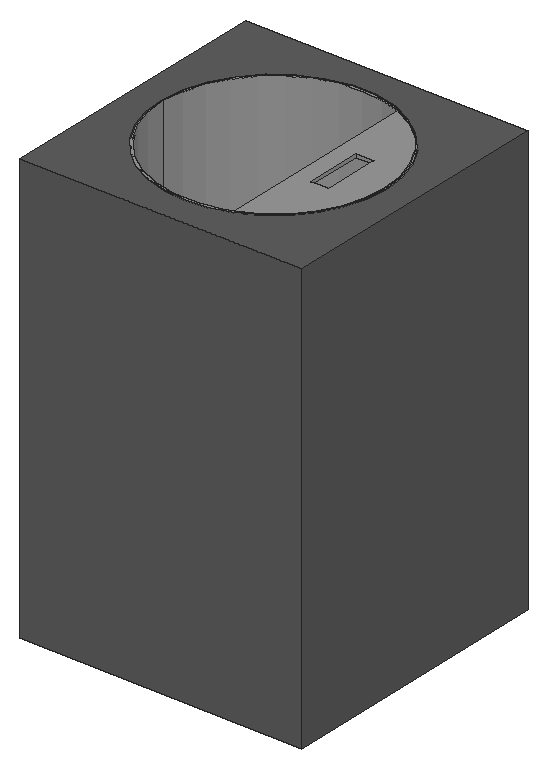
Revit family "urna_prizma", category Антураж, Revit 2017
Family settings
  На основе рабочей плоскости = Нет
  Всегда вертикально = Да
  При загрузке вырезать с полостями = Нет
  Источник визуального образа = Геометрия семейства
  Общий = Нет
  Точка расчета площади = Нет
Parameters (values of type ""Призма" Черный шелк")
  Ширина = 400 mm
  Производитель = "ГК Очаковский комбинат ЖБИ"  # constant formula
  Позиция = ""
  Поверхность = ""
  Площадь [instance] = 1.137 m²
  Описание изделия [instance] = "Несмотря на важную утилитарную функцию, эти изделия могут стать достойным элементом системы благоустройства Мы предлагаем красивые стильные урны, которые могут быть выполнены в едином стиле с общим архитектурным ансамблем близлежащих построек или ранее установленных элементов благоустройств. Все урны комплектуются ведром с отдельной пепельницей для удобства использования и её очистки."
  Объем бетона = 0.056 m³
  Обозначение = ""
  Наименование = "Урна \"Призма\""
  Морозостойкость [instance] = "F150"
  Материал контейнера = Сталь
  Материал = Очаковский_Черный_шелк
  Масса [instance] = 140.00 kg
  Класс бетона [instance] = "В30"
  Защитное покрытие [instance] = 0.977
  Длина = 400 mm
  Watermarked By = ""
  Высота = 610 mm
  Водонепроницаемость [instance] = "W8"
  URL = "http://file-system.ru/catalog/blagoustroystvo/sadovo_parkovaya_mebel/spm_urny/urny/_prizma_urna/"
Types (10, lengths in mm): name | Материал | URL
  (no name) | Очаковский_Черный_шелк | "http://file-system.ru/catalog/blagoustroystvo/sadovo_parkovaya_mebel/spm_urny/urny/_prizma_urna/"
  "Призма" Белый | Очаковский_Белый | 0
  "Призма" Белый шелк | Очаковский_Белый_Шелк | 0
  "Призма" Крымский берег | Очаковский_Крымский_берег | 0
  "Призма" Московский гравий | Очаковский_Московский_гравий | 0
  "Призма" Морская соль | Очаковский_Морская_соль | 0
  "Призма" Черный шелк | Очаковский_Черный_шелк | "http://file-system.ru/catalog/blagoustroystvo/sadovo_parkovaya_mebel/spm_urny/urny/_prizma_urna/"
  "Призма" Черный глянец | Очаковский_Черный_глянец | 0
  "Призма" Шахматка | Очаковский_Шахматка | 0
  "Призма" Светло-серый | Очаковский_Светло-серый | 0
Reference planes
  plane 1 "По центру (Вперед/Назад)": y = 0
  plane 2: z = 0
  plane 3 "По центру (Влево/Вправо)": x = 0
  plane 4: z = 610
  plane 5: x = 200
  plane 6: x = -200
  plane 7: y = -200
  plane 8: y = 200
  plane 9: z = 50
Forms (mm)
  Extrusion 1, solid, material "Очаковский_Черный_шелк" <- "Материал", detail levels medium+fine
    sketch origin (0, 0, 0) x (1, 0, 0) y (0, 1, 0)
      loop
        line (-200, 200) -> (-200, -200) -> (200, -200) -> (200, 200) -> (-200, 200)
    from 0 to 610
  Extrusion 2, void
    sketch origin (-586.168, -1524, 50) x (-1, 0, 0) y (0, -1, 0)
      loop
        circle (-586.168, -1524) r 160
    from 0 to 560
  Extrusion 3, solid, material "Сталь" <- "Материал контейнера", detail levels fine
    sketch origin (-586.168, -1524, 50) x (-1, 0, 0) y (0, -1, 0)
      loop
        circle (-586.168, -1524) r 160
      loop
        circle (-586.168, -1524) r 157
    from 0 to 560
  Extrusion 4, solid, material "Сталь" <- "Материал контейнера", detail levels fine
    sketch origin (400, -1524, 610) x (0, -1, 0) y (-1, 0, 0)
      loop
        line (-1378.917, 340) -> (-1669.083, 340)
        arc (-1669.083, 340) -> (-1524, 243) -> (-1378.917, 340) r 157
      loop
        line (-1564, 315) -> (-1564, 290) -> (-1484, 290) -> (-1484, 315) -> (-1564, 315)
    from 0 to 4
Cuts and joins
  Extrusion 2 cuts Extrusion 1
Dimensions and locks
  "Высота": plane 4 to plane 2
  equal spacing: plane 6, plane 3 "По центру (Влево/Вправо)", plane 5
  "Длина": plane 6 to plane 5
  equal spacing: plane 8, plane 1 "По центру (Вперед/Назад)", plane 7
  "Ширина": plane 8 to plane 7
  aligned and locked: level to plane 2
  aligned and locked: plane 8 to Extrusion 1 sketch curve
  aligned and locked: Extrusion 1 sketch curve to plane 6
  aligned and locked: Extrusion 1 sketch curve to plane 7
  aligned and locked: plane 5 to Extrusion 1 sketch curve
  aligned and locked: Extrusion 1 to plane 4
  aligned and locked: Extrusion 2 to plane 4
  aligned and locked: Extrusion 3 to plane 4
  aligned and locked: plane 3 "По центру (Влево/Вправо)" to nested 1
  aligned and locked: plane 1 "По центру (Вперед/Назад)" to nested 1
Automatic sketch dimensions
  plane 1 "По центру (Вперед/Назад)" to Extrusion 2 sketch curve = 0 mm
  Extrusion 2 sketch curve to plane 3 "По центру (Влево/Вправо)" = 0 mm
  Extrusion 3 sketch curve to Extrusion 3 sketch curve = 0 mm  (x2)
  plane 1 "По центру (Вперед/Назад)" to Extrusion 3 sketch curve = 0 mm
  Extrusion 3 sketch curve to plane 3 "По центру (Влево/Вправо)" = 0 mm
  plane 1 "По центру (Вперед/Назад)" to Extrusion 4 sketch curve = 0 mm
  Extrusion 4 sketch curve to plane 1 "По центру (Вперед/Назад)" = 40 mm
  Extrusion 4 sketch curve to plane 3 "По центру (Влево/Вправо)" = 0 mm
  Extrusion 4 sketch curve to plane 8 = 54.917 mm
  Extrusion 4 sketch curve to Extrusion 4 sketch curve = 80 mm
  plane 3 "По центру (Влево/Вправо)" to Extrusion 4 sketch curve = 60 mm
  plane 3 "По центру (Влево/Вправо)" to Extrusion 4 sketch curve = 85 mm
  Extrusion 4 sketch curve to Extrusion 4 sketch curve = 25 mm
  radius of Extrusion 2 sketch curve = 160 mm
  radius of Extrusion 3 sketch curve = 160 mm
  radius of Extrusion 3 sketch curve = 157 mm
Nested families
  nested 1: "МАФ Прямоугольный низкая дет" at (0, 0, 0), Высота <- "Высота", Длина <- "Длина", Ширина <- "Ширина", type "МАФ Прямоугольный низкая дет"
    with Ширина 400 mm, Длина 400 mm, Высота 610 mm
Definition of nested family "МАФ Прямоугольный низкая дет"
  Parameters (values of type "МАФ Прямоугольный низкая дет")
    Ширина [instance] = 200 mm
    Длина [instance] = 400 mm
    Высота [instance] = 600 mm
    Watermarked By = ""
    Type Comments = "﻿﻿                                          ​                           ​     ﻿                             ﻿          ﻿﻿                   ﻿    ﻿             ﻿ ​    ﻿﻿"
    Keynote = "﻿﻿                                          ​                           ​     ﻿                             ﻿          ﻿﻿                   ﻿    ﻿             ﻿ ​    ﻿﻿"
    Description = "﻿﻿                                          ​                           ​     ﻿                             ﻿          ﻿﻿                   ﻿    ﻿             ﻿ ​    ﻿﻿"
    Assembly Code = "﻿﻿                                          ​                           ​     ﻿                             ﻿          ﻿﻿                   ﻿    ﻿             ﻿ ​    ﻿﻿"
  Reference planes
    plane 1 "По центру (Вперед/Назад)": y = 0
    plane 2: z = 0
    plane 3 "По центру (Влево/Вправо)": x = 0
    plane 4: x = -200
    plane 5: x = 200
    plane 6: y = -100
    plane 7: y = 100
    plane 8: z = 600
  Forms (mm)
    Extrusion 1, solid, detail levels coarse
      sketch origin (0, 0, 0) x (1, 0, 0) y (0, 1, 0)
        loop
          line (-200, 100) -> (-200, -100) -> (200, -100) -> (200, 100) -> (-200, 100)
      from 0 to 600
  Dimensions and locks
    equal spacing: plane 6, plane 1 "По центру (Вперед/Назад)", plane 7
    "Ширина": plane 6 to plane 7
    equal spacing: plane 4, plane 3 "По центру (Влево/Вправо)", plane 5
    "Длина": plane 4 to plane 5
    "Высота": plane 8 to level
    aligned and locked: level to plane 2
    aligned and locked: Extrusion 1 sketch curve to plane 5
    aligned and locked: Extrusion 1 sketch curve to plane 7
    aligned and locked: Extrusion 1 sketch curve to plane 6
    aligned and locked: Extrusion 1 sketch curve to plane 4
    aligned and locked: plane 8 to Extrusion 1
  Automatic sketch dimensions
    Extrusion 1 sketch curve to plane 5 = 0 mm
